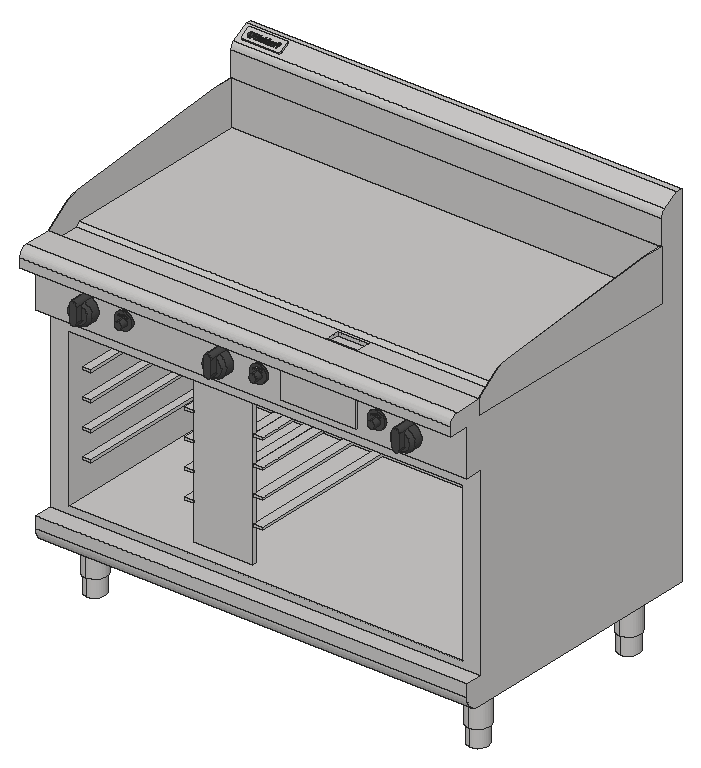
Revit family "QF_MOFFAT WALDORF_GP8120G-CB", category Specialty Equipment, Revit 2012 (continued)
Definition of nested family "WALDORF LOGO_FACE BASE"
  Forms (in)
    Extrusion 3, solid, material "QF_Finishes_Black", visible <- "Show Logo"
      sketch origin (0, -1.30776, 0.0625) x (1, 0, 0) y (0, 1, 0)
        loop
          line (3.46509, 0.64251) -> (3.46509, 0.78003) -> (3.43153, 0.78003)
          arc (3.43153, 0.78003) -> (3.36715, 0.75849) -> (3.3287, 0.70254) r 0.10698
          line (3.3287, 0.70254) -> (3.3287, 0.78003) -> (3.19903, 0.78003)
        loop
          line (3.55311, 0.78003) -> (3.50041, 0.78003) -> (3.50041, 0.69348) -> (3.55311, 0.69348) -> (3.55311, 0.40555) -> (3.7007, 0.40555) -> (3.7007, 0.69348) -> (3.7566, 0.69348) -> (3.7566, 0.78003) -> (3.7007, 0.78003)
          arc (3.7007, 0.78003) -> (3.71707, 0.81956) -> (3.7566, 0.83593) r 0.05591
          line (3.7566, 0.83593) -> (3.7566, 0.92922) -> (3.67389, 0.92922)
          arc (3.67389, 0.92922) -> (3.59618, 0.9017) -> (3.55311, 0.8314) r 0.12349
          line (3.55311, 0.8314) -> (3.55311, 0.78003)
        loop
          arc (0.60004, 0.92798) -> (0.3304, 0.65058) -> (0.60004, 0.37318) r 0.27751
          line (0.60004, 0.37318) -> (0.60004, 0.92798)
        loop
          line (0.61579, 0.92798) -> (0.61579, 0.37318)
          arc (0.61579, 0.37318) -> (0.88543, 0.65058) -> (0.61579, 0.92798) r 0.27751
        loop
          arc (1.8867, 0.57916) -> (1.8215, 0.54129) -> (1.8867, 0.50342) r 0.0436
          line (1.8867, 0.50342) -> (1.8867, 0.57916)
      from 0 to 0.00787
  Dimensions and locks (in)
    aligned and locked: plane 2 to Extrusion 1
    aligned and locked: level to Extrusion 1
Definition of nested family "GP8120G-CB-CASTERS"
  Parameters (values of type "BT8600-LS-CASTERS")
    Weight = ""
    URL Manufacturer = ""
    URL Cutsheet = ""
    URL = ""
    Type Mark [instance] = ""
    Status [instance] = ""
    Specification by User [instance] = ""
    Specification by Manufacturer = ""
    Show Casters [instance] = no
    Serial Number = ""
    Seismic Rating = ""
    SMACNA No = ""
    Revision Code [instance] = ""
    Omniclass Number and Title = ""
    NAFEM Spec ID Number = ""
    Model = ""
    MasterSpec. = ""
    Manufacturer = ""
    Item Number [instance] = ""
    Installed By [instance] = ""
    Identify Quantity as Lot [instance] = yes
    Furnished By [instance] = ""
    Foodservice Equipment Identifier [instance] = yes
    Description = ""
    CSI MasterFormat = ""
    CSI Master Format = ""
    Assembly Code = ""
  Reference planes (in)
    plane 1: z = 0
    plane 2 "RIGHT": x = 0
    plane 3 "FRONT": y = 0
    plane 4 "Base Height": z = 5.90551
  Forms (in)
    Revolve 1, solid, material "QF_Finishes_Stainless Steel", visible <- "Show Casters"
      sketch origin (0, 2.21793, 0) x (0, 1, 0) y (0, 0, 1)
        loop
          line (-2.21793, 6) -> (-2.21793, 5.55584) -> (-0.93693, 5.55584) -> (-0.93693, 6) -> (-2.21793, 6)
        axis (-2.21793, 5.55584) -> (-2.21793, 6)
      angle from 0 to 360
    Extrusion 2, solid, material "QF_Finishes_Stainless Steel", visible <- "Show Casters"
      sketch origin (-1.81294, 2.21793, 0) x (0, 1, 0) y (0, 0, 1)
        loop
          line (-3.37793, 5.55584) -> (-3.37793, 5.25584) -> (-3.23369, 5.25584)
          arc (-3.23369, 5.25584) -> (-3.1238, 5.20977) -> (-3.03725, 5.12786) r 0.33195
          line (-3.03725, 5.12786) -> (-1.55521, 1.94961)
          arc (-1.55521, 1.94961) -> (-0.54268, 1.81523) -> (-0.22336, 2.78544) r 0.8
          arc (-0.22336, 2.78544) -> (-0.27816, 2.89808) -> (-0.34988, 3.00079) r 0.8
          arc (-0.34988, 3.00079) -> (-0.37005, 3.3613) -> (-0.26088, 3.70547) r 1
          line (-0.26088, 3.70547) -> (0.31507, 4.78867)
          arc (0.31507, 4.78867) -> (-0.09241, 4.97284) -> (-0.5252, 5.08531) r 2.63
          line (-0.5252, 5.08531) -> (-0.54193, 5.25584) -> (-1.05793, 5.25584) -> (-1.05793, 5.55584) -> (-3.37793, 5.55584)
      from 0.78968 to 0.90247
    Extrusion 3, solid, material "QF_Finishes_Stainless Steel", visible <- "Show Casters"
      sketch origin (0.13094, 2.21793, 0) x (0, 1, 0) y (0, 0, 1)
        loop
          line (-3.37793, 5.55584) -> (-3.37793, 5.25584) -> (-3.23369, 5.25584)
          arc (-3.23369, 5.25584) -> (-3.1238, 5.20977) -> (-3.03725, 5.12786) r 0.33195
          line (-3.03725, 5.12786) -> (-1.55521, 1.94961)
          arc (-1.55521, 1.94961) -> (-0.54268, 1.81523) -> (-0.22336, 2.78544) r 0.8
          arc (-0.22336, 2.78544) -> (-0.27816, 2.89808) -> (-0.34988, 3.00079) r 0.8
          arc (-0.34988, 3.00079) -> (-0.37005, 3.3613) -> (-0.26088, 3.70547) r 1
          line (-0.26088, 3.70547) -> (0.31507, 4.78867)
          arc (0.31507, 4.78867) -> (-0.09241, 4.97284) -> (-0.5252, 5.08531) r 2.63
          line (-0.5252, 5.08531) -> (-0.54193, 5.25584) -> (-1.05793, 5.25584) -> (-1.05793, 5.55584) -> (-3.37793, 5.55584)
      from 0.78968 to 0.90247
    Extrusion 4, solid, material "QF_Finishes_Stainless Steel", visible <- "Show Casters"
      sketch origin (-1.93794, 2.21793, 0) x (0, 1, 0) y (0, 0, 1)
        loop
          line (-3.37793, 5.55584) -> (-3.37793, 5.25584) -> (-3.23369, 5.25584) -> (-0.7432, 5.03796) -> (0.2811, 4.72479) -> (0.31507, 4.78867)
          arc (0.31507, 4.78867) -> (-0.09241, 4.97284) -> (-0.5252, 5.08531) r 2.63
          line (-0.5252, 5.08531) -> (-0.54193, 5.25584) -> (-1.05793, 5.25584) -> (-1.05793, 5.55584) -> (-3.37793, 5.55584)
      from 1.02747 to 2.85669
    Revolve 5, solid, material "QF_Finishes_Stainless Steel", visible <- "Show Casters"
      sketch origin (-1.93794, 1.21343, 0) x (1, 0, 0) y (0, 0, 1)
        loop
          line (0.5843, 2.5041) -> (3.2907, 2.5041) -> (3.2907, 2.6421) -> (3.2407, 2.6921) -> (3.1807, 2.6921) -> (3.1807, 2.8278) -> (2.7025, 2.8278) -> (2.7025, 3.22009) -> (2.5625, 3.30092) -> (2.42847, 4.1291) -> (2.59375, 4.1291) -> (2.59375, 4.3791) -> (2.5625, 4.3791) -> (2.5625, 4.6291)
          arc (2.5625, 4.6291) -> (2.45267, 4.89426) -> (2.1875, 5.0041) r 0.375
          line (2.1875, 5.0041) -> (1.6875, 5.0041)
          arc (1.6875, 5.0041) -> (1.42233, 4.89426) -> (1.3125, 4.6291) r 0.375
          line (1.3125, 4.6291) -> (1.3125, 4.3791) -> (1.28125, 4.3791) -> (1.28125, 4.1291) -> (1.44653, 4.1291) -> (1.31307, 3.30443) -> (1.1725, 3.22327) -> (1.1725, 2.8278) -> (0.6943, 2.8278) -> (0.6943, 2.6921) -> (0.6343, 2.6921) -> (0.5843, 2.6421) -> (0.5843, 2.5041)
        axis (0.5843, 2.5041) -> (3.2907, 2.5041)
      angle from 0 to 360
  Cuts and joins
    joined: Extrusion 2, Extrusion 3, Extrusion 4
  Lines and regions (in)
    symbolic lines, style "SpecialityEquipmentHiddenLines", visible <- "Show Casters"
      curve 1: line (0.70901, 2.6399, 0) -> (1.79507, 2.01286, 0)
      curve 2: line (-1.79099, -1.69023, 0) -> (0.70901, 2.6399, 0)
      curve 3: line (-0.70493, -2.31727, 0) -> (-1.79099, -1.69023, 0)
      curve 4: line (1.79507, 2.01286, 0) -> (-0.70493, -2.31727, 0)
  Dimensions and locks (in)
    plane 4 "Base Height" to level = 5.90551"  (x2)
    Revolve 5 sketch curve to Revolve 5 sketch curve = 2 1/2"
    aligned and locked: level to plane 1
